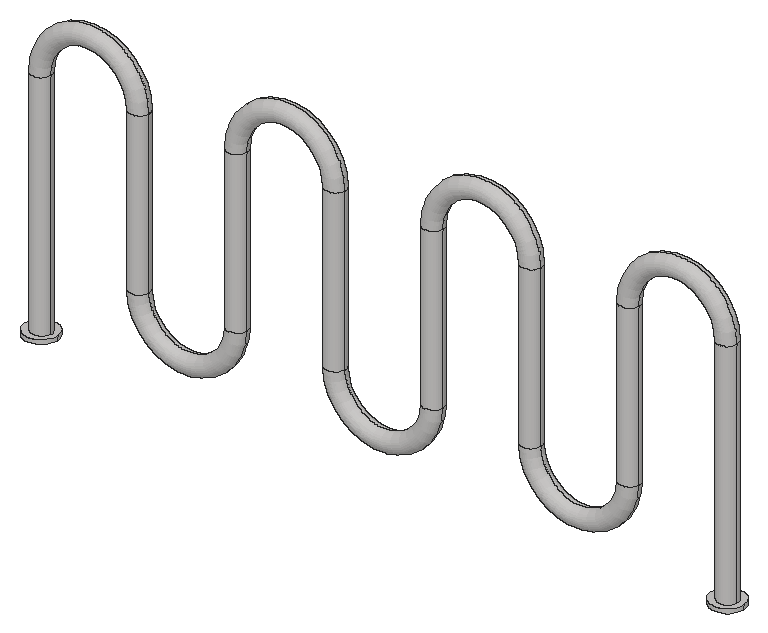
Revit family "Bicycle-Racks_BR_Huntco_BR9", category Site, host Face, Revit 2026
Family settings
  Host = Face
  Round Connector Dimension = Use Diameter
  Part Type = Normal
  Cut with Voids When Loaded = No
  Shared = No
Parameters
  flangevisible = not(Embedded Mounted)  # yes
  Freestanding = yes
  Embedded Mounted = not(or(Freestanding, Flange Mounted))  # no
  holediameter = if(Flange Mounted, 0' 0 1/2", if(Freestanding, 0' 0 1/32", 0' 6"))  # 0' - 0 1/2"
  holedepth = if(Flange Mounted, 0' 4", if(Freestanding, 0' 0 1/32", 1' 0"))  # 0' - 4"
  flangeheight = if(Exposed Flange, 0' 0 1/2", 0' 1 1/4")  # 0' - 0 1/2"
  extralength = if(or(Freestanding, Flange Mounted), 0' 0", 0' 11")  # 0' - 0"
  Warranty Duration (Years) = 0
  Unit Width = 7' - 2 97/256"
  Unit Weight = 0
  Unit Height = 3' - 0"
  URL = "http://www.huntco.com/"
  Test Data = ""
  Specification = "http://www.arcat.com/sdspecs/htm/02871hco.htm"
  SpecWizard = ""
  Send Message = "http://www.arcat.com/users.pl?action=UserEmail&company=Huntco+Supply+LLC&coid=39482&rep=133&fax=503-274-2055&mf="
  Sales Information = ""
  Revision = "R1_11_2012"
  Product Properties = ""
  Product Data = "http://www.arcat.com/arcatcos/cos39/arc39482.html"
  Pipe Diameter = 0' - 2 3/8"
  Outer Radius = Pipe Diameter / 2  # 0' - 1 3/16"
  Model = "As Specified"
  Material Finish = Metal - Steel - Huntco - Stainless
  Manufacturer Website = "http://www.huntco.com/"
  Manufacturer Phone - Toll Free = "800-547-5909"
  Manufacturer Phone = "503-224-8700"
  Manufacturer Fax = "503-274-2055"
  Manufacturer Address = "Huntco Supply LLC P. O. Box 10385 Portland, OR 97296"
  Manufacturer = "Huntco Supply LLC"
  Maintenance Schedule (Months) = 0
  Keynote = "02871"
  Installation-Fabrication = ""
  Installation Phase = ""
  Green Building-LEED = "http://www.arcat.com/green/clients/leed_data_39482.html"
  Flange Mounted = yes
  Exposed Flange = yes
  Expected Lifespan (Years) = 0
  Drawn By = "Sumex Design, Inc. / Robert S. Weygant, CSI, CDT, SCIP"
  Description = "Huntco Product as Specified"
  Default Elevation = 4' - 0"
  Covered Flange = not(Exposed Flange)  # no
  Copyright = "©Arcat Inc."
  Construction Details = "http://www.arcat.com/details/huntcosu/huntcosu.html?coid=39482"
  Capacity = "Bike Capacity as Specified"
  Building Codes = ""
  Assembly Code = "G2040500"
Reference planes (in)
  plane 1 "Center (Front/Back)": y = 0
  plane 2: z = 0
  plane 3 "Center (Left/Right)": x = 0
  plane 4: y = 1.1875
  plane 5: y = -1.1875
  plane 6: x = -43.18945
  plane 7: x = 43.18945
  plane 8: z = 36
  plane 9: x = -42.00195
  plane 10: x = 42.00195
  plane 11: z = 0
  plane 12: z = -4
  plane 13: z = 0.5
Forms (in)
  Extrusion 1, solid, material "Metal - Steel - Huntco - Stainless" <- "Material Finish", visible <- "flangevisible"
    sketch origin (0, 0, 0) x (1, 0, 0) y (0, 1, 0)
      loop
        circle (-42.00195, 0) r 2
      loop
        circle (42.00195, 0) r 2
    from 0 to 0.5
  Sweep 2, solid, material "Metal - Steel - Huntco - Stainless" <- "Material Finish"
    path origin (0, 0, 0) x (1, 0, 0) y (0, 0, 1)
      loop
        line (-42.00195, 0) -> (-42.00195, 28.81222)
        arc (-42.00195, 28.81222) -> (-36.00167, 34.8125) -> (-30.0014, 28.81222) r 6.00028
        line (-30.0014, 28.81222) -> (-30.0014, 9.19336)
        arc (-30.0014, 9.19336) -> (-24.00112, 3.19308) -> (-18.00084, 9.19336) r 6.00028
        line (-18.00084, 9.19336) -> (-18.00084, 28.81222)
        arc (-18.00084, 28.81222) -> (-12.00056, 34.8125) -> (-6.00028, 28.81222) r 6.00028
        line (-6.00028, 28.81222) -> (-6.00028, 9.19336)
        arc (-6.00028, 9.19336) -> (0, 3.19308) -> (6.00028, 9.19336) r 6.00028
        line (6.00028, 9.19336) -> (6.00028, 28.81222)
        arc (6.00028, 28.81222) -> (12.00056, 34.8125) -> (18.00084, 28.81222) r 6.00028
        line (18.00084, 28.81222) -> (18.00084, 9.19336)
        arc (18.00084, 9.19336) -> (24.00112, 3.19308) -> (30.0014, 9.19336) r 6.00028
        line (30.0014, 9.19336) -> (30.0014, 28.81222)
        arc (30.0014, 28.81222) -> (36.00167, 34.8125) -> (42.00195, 28.81222) r 6.00028
        line (42.00195, 28.81222) -> (42.00195, 0)
    profile origin (-42.00195, 0, 14.40611) x (-1, 0, 0) y (0, -1, 0)
      loop
        circle (0, 0) r 1.1875
  Extrusion 3, void
    sketch origin (0, 0, 0) x (1, 0, 0) y (0, 1, 0)
      loop
        circle (-42.00195, 0) r 0.25
      loop
        circle (42.00195, 0) r 0.25
    from -4 to 0.5
Dimensions and locks (in)
  "Unit Height": plane 8 to level
  equal spacing: plane 4, plane 1 "Center (Front/Back)", plane 5
  "Pipe Diameter": plane 4 to plane 5
  equal spacing: plane 7, plane 3 "Center (Left/Right)", plane 6
  "Unit Width": plane 7 to plane 6
  "Outer Radius": plane 9 to plane 6
  "Outer Radius": plane 7 to plane 10
  equal spacing: plane 10, Sweep 2 sketch curve, Sweep 2 sketch curve, Sweep 2 sketch curve, Sweep 2 sketch curve, Sweep 2 sketch curve, Sweep 2 sketch curve, plane 9
  "Outer Radius": plane 8 to Sweep 2 sketch curve  (x4)
  "Outer Radius": plane 6 to Extrusion 1 sketch curve
  "Outer Radius": Extrusion 1 sketch curve to plane 7
  "flangeheight": plane 13 to host face
  "extralength": host face to plane 11
  "holedepth": host face to plane 12
  "Outer Radius": plane 6 to Extrusion 3 sketch curve
  "Outer Radius": Extrusion 3 sketch curve to plane 7
  "holediameter": Extrusion 3 sketch curve to Extrusion 3 sketch curve  (x2)
  locked: Sweep 2 sketch curve to host face at 9.19336  (x3)
  "Outer Radius": radius of Sweep 2 sketch curve
  aligned and locked: plane 2 to host face
  aligned and locked: level to host face
  aligned and locked: plane 9 to Sweep 2 sketch curve
  aligned and locked: plane 10 to Sweep 2 sketch curve
  aligned and locked: Extrusion 1 to plane 13
  aligned and locked: plane 11 to Sweep 2 sketch curve  (x2)
  aligned and locked: Extrusion 3 to plane 12
Automatic sketch dimensions
  host sketch curve to host sketch curve = 8' - 0"  (x2)
  Extrusion 1 sketch curve to plane 1 "Center (Front/Back)" = 0' - 0"  (x2)
  Sweep 2 sketch curve to plane 1 "Center (Front/Back)" = 0' - 0"
  Sweep 2 sketch curve to profile plane = 0' - 0"
  Extrusion 3 sketch curve to plane 1 "Center (Front/Back)" = 0' - 0"  (x2)
  radius of Extrusion 1 sketch curve = 0' - 2"  (x2)
